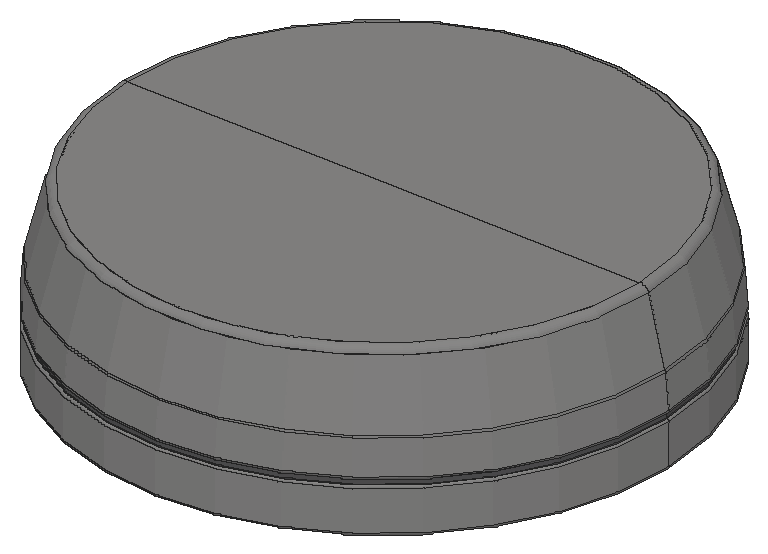
Revit family "Seating-Large-Teknion-STBC_Qui-R2013", category Furniture, Revit 2013
Parameters (values of type "Large")
  Width = 60.000"
  Warranty = "http://www.teknionstudio.com/pdfs/Teknion%20Studio%20Warranty.pdf"
  Unit Weight = 0.00 lbf
  URL = "www.teknionstudio.com"
  Top Upholstery Finish [instance] = Fabric - Teknion - F206 - Full Wool - Fantasme
  Thread Finish [instance] = Thread - Teknion - Silver
  Series = "Studio"
  Product Line = "Qui"
  Product Documentation Link = "http://www.teknionstudio.com/pricing/STBC_ppg.pdf"
  Part Number = "STBC"
  No Casters = no
  Model = "STBC4"
  Mid Upholstery Finish [instance] = Fabric - Teknion - F212 - Full Wool - Ink
  Manufacturer Phone = "919-464-2920"
  Manufacturer Fax = "919-464-2927"
  Manufacturer Email = "customersupport@teknionstudio.com"
  Manufacturer Address = "3941 US 70 Business HWY West, Clayton, NC 27520"
  Manufacturer = "Teknion Studio"
  Low Emitting Material = yes
  Low Emitting Finish = yes
  Height = 17.3001"
  Description = "Qui Large Ottoman - Upholstered Mid Panel, 60\"dia x 18\"h / 152cm x 46cm"
  Depth = 60.000"
  Base Upholstery Finish [instance] = Fabric - Teknion - F206 - Full Wool - Fantasme
  Assembly Code = "E2020200"
Reference planes (in)
  plane 1 "Center F/B": y = 0
  plane 2: z = 0
  plane 3 "Center L/R": x = 0
  plane 4 "Left": x = -30
  plane 5 "Right": x = 30
  plane 6 "Back": y = 30
  plane 7 "Front": y = -30
  plane 8 "Top": z = 17.3001
  plane 9 "Mid Top": z = 5.99
  plane 10 "Mid Bottom": z = 5.4351
  plane 11 "Casters Top": z = 2.6851
  plane 12 "Bottom": z = 0.75
  plane 13: y = -10.5
  plane 14: through (0, 0, 48) normal (-0.5, 0.866, 0)
  plane 15: through (0, 0, 48) normal (0.5, 0.866, 0)
  plane 16 "Wheel Mid Plane": z = 1.19
  plane 17 "Thread 2": z = 16.6501
  plane 18 "Thread 3": x = -0.325
  plane 19 "Thread 4": x = 0.325
  plane 20: x = -3.725
  plane 21: x = 3.725
  plane 22: z = 5.61
  plane 23: z = 5.81
Forms (in)
  Revolve 1, solid, material "Fabric - Teknion - F206 - Full Wool - Fantasme" <- "Base Upholstery Finish"
    sketch origin (0, 0, 0) x (1, 0, 0) y (0, 0, 1)
      loop
        line (0, 5.4351) -> (-29.75, 5.4351)
        arc (-29.75, 5.4351) -> (-29.92678, 5.36188) -> (-30, 5.1851) r 0.25
        line (-30, 5.1851) -> (-30, 1)
        arc (-30, 1) -> (-29.92678, 0.82322) -> (-29.75, 0.75) r 0.25
        line (-29.75, 0.75) -> (0, 0.75) -> (0, 5.4351)
      axis (0, 5.4351) -> (0, 0.75)
    angle from 0 to 360
  Revolve 2, solid, material "Fabric - Teknion - F212 - Full Wool - Ink" <- "Mid Upholstery Finish"
    sketch origin (0, 0, 0) x (1, 0, 0) y (0, 0, 1)
      loop
        arc (-29.65, 6.0501) -> (-29.72071, 6.02081) -> (-29.75, 5.9501) r 0.1
        line (-29.75, 5.9501) -> (-29.75, 5.47013)
        arc (-29.75, 5.47013) -> (-29.72067, 5.39933) -> (-29.64987, 5.37) r 0.10013
        line (-29.64987, 5.37) -> (0, 5.37) -> (0, 6.0501) -> (-29.65, 6.0501)
      axis (0, 6.0501) -> (0, 5.37)
    angle from 0 to 360
  Revolve 3, solid, material "Fabric - Teknion - F206 - Full Wool - Fantasme" <- "Top Upholstery Finish"
    sketch origin (0, 0, 0) x (1, 0, 0) y (0, 0, 1)
      loop
        line (0, 17.3001) -> (0, 5.99) -> (29.73328, 5.99)
        arc (29.73328, 5.99) -> (29.9176, 6.0711) -> (29.98233, 6.26179) r 0.25
        line (29.98233, 6.26179) -> (29.67651, 9.75731)
        arc (29.67651, 9.75731) -> (29.66114, 9.87407) -> (29.63565, 9.98906) r 1.35
        line (29.63565, 9.98906) -> (27.8554, 16.63304)
        arc (27.8554, 16.63304) -> (27.53395, 17.11412) -> (26.98607, 17.3001) r 0.9
        line (26.98607, 17.3001) -> (0, 17.3001)
      axis (0, 5.99) -> (0, 17.3001)
    angle from 0 to 360
  Revolve 4, solid, material "Plastic - Teknion - E - Ebony"
    sketch origin (0, -16.9, 0) x (0, 1, 0) y (0, 0, 1)
      loop
        line (-10.5, 0) -> (-10.5, 0.75) -> (-11, 0.75) -> (-10.89982, 0) -> (-10.5, 0)
      axis (-10.5, 0) -> (-10.5, 0.75)
    angle from 0 to 360
  Revolve 5, solid, material "Plastic - Teknion - E - Ebony"
    sketch origin (-14.63583, -8.45, 0) x (0.866025, 0.5, 0) y (0, 0, 1)
      loop
        line (-10.5, 0) -> (-10.5, 0.75) -> (-11, 0.75) -> (-10.89982, 0) -> (-10.5, 0)
      axis (-10.5, 0) -> (-10.5, 0.75)
    angle from 0 to 360
  Revolve 6, solid, material "Plastic - Teknion - E - Ebony"
    sketch origin (-14.63583, 8.45, 0) x (0.866025, -0.5, 0) y (0, 0, 1)
      loop
        line (-10.5, 0) -> (-10.5, 0.75) -> (-11, 0.75) -> (-10.89982, 0) -> (-10.5, 0)
      axis (-10.5, 0) -> (-10.5, 0.75)
    angle from 0 to 360
  Revolve 7, solid, material "Plastic - Teknion - E - Ebony"
    sketch origin (0, 16.9, 0) x (0, -1, 0) y (0, 0, 1)
      loop
        line (-10.5, 0) -> (-10.5, 0.75) -> (-11, 0.75) -> (-10.89982, 0) -> (-10.5, 0)
      axis (-10.5, 0) -> (-10.5, 0.75)
    angle from 0 to 360
  Revolve 8, solid, material "Plastic - Teknion - E - Ebony"
    sketch origin (14.63583, 8.45, 0) x (-0.866025, -0.5, 0) y (0, 0, 1)
      loop
        line (-10.5, 0) -> (-10.5, 0.75) -> (-11, 0.75) -> (-10.89982, 0) -> (-10.5, 0)
      axis (-10.5, 0) -> (-10.5, 0.75)
    angle from 0 to 360
  Revolve 9, solid, material "Plastic - Teknion - E - Ebony"
    sketch origin (14.63583, -8.45, 0) x (-0.866025, 0.5, 0) y (0, 0, 1)
      loop
        line (-10.5, 0) -> (-10.5, 0.75) -> (-11, 0.75) -> (-10.89982, 0) -> (-10.5, 0)
      axis (-10.5, 0) -> (-10.5, 0.75)
    angle from 0 to 360
Lines and regions (in)
  Masking region 1
    outline origin (0, 0, 17.3001) x (-1, 0, 0) y (0, -1, 0)
      loop
        circle (0, 0) r 30
  symbolic lines, detail levels fine
    curve 1: circle (0, 0, 17.3001) r 29.5 normal (0, 0, 1)
  symbolic lines, detail levels medium+fine
    curve 2: circle (0, 0, 17.3001) r 27.85 normal (0, 0, 1)
  symbolic lines
    curve 3: circle (0, 0, 17.3001) r 27.35 normal (0, 0, 1)
  model lines, detail levels medium+fine
    curve 4: arc (0.325, -27.8481, 16.6501) -> (2.0288, -27.77601, 16.6501) -> (3.725, -27.59976, 16.6501) r 27.85
    curve 5: arc (-3.725, -27.59976, 16.6501) -> (-2.0288, -27.77601, 16.6501) -> (-0.325, -27.8481, 16.6501) r 27.85
    curve 7: line (-0.325, -27.85035, 16.6501) -> (-0.325, -29.64438, 9.95469)
    curve 8: line (-0.325, -29.97955, 6.24243) -> (-0.325, -29.69419, 9.50408)
    curve 9: arc (-0.325, -29.64438, 9.95469) -> (-0.325, -29.67065, 9.72953) -> (-0.325, -29.69419, 9.50408) r 18.79624
    curve 10: arc (-0.325, -29.97955, 6.24243) -> (-0.325, -29.90562, 6.06393) -> (-0.325, -29.72712, 5.99) r 0.25243
    curve 11: line (-0.325, -30, 5.19389) -> (-0.325, -30, 1.00401)
    curve 12: arc (-0.325, -30, 1.00401) -> (-0.325, -29.9256, 0.8244) -> (-0.325, -29.74599, 0.75) r 0.25401
    curve 13: arc (-0.325, -30, 5.19389) -> (-0.325, -29.93367, 5.36175) -> (-0.325, -29.76808, 5.43354) r 0.23582
    curve 14: line (0.325, -27.85035, 16.6501) -> (0.325, -29.64438, 9.95469)
    curve 15: line (0.325, -29.97955, 6.24243) -> (0.325, -29.69419, 9.50408)
    curve 16: arc (0.325, -29.64438, 9.95469) -> (0.325, -29.67065, 9.72953) -> (0.325, -29.69419, 9.50408) r 18.79624
    curve 17: arc (0.325, -29.97955, 6.24243) -> (0.325, -29.90562, 6.06393) -> (0.325, -29.72712, 5.99) r 0.25243
    curve 18: line (0.325, -30, 5.19389) -> (0.325, -30, 1.00401)
    curve 19: arc (0.325, -30, 1.00401) -> (0.325, -29.9256, 0.8244) -> (0.325, -29.74599, 0.75) r 0.25401
    curve 20: arc (0.325, -30, 5.19389) -> (0.325, -29.93367, 5.36175) -> (0.325, -29.76808, 5.43354) r 0.23582
  model lines, detail levels fine
    curve 6: arc (-3.725, -27.09514, 17.3001) -> (0, -27.35, 17.3001) -> (3.725, -27.09514, 17.3001) r 27.35
Dimensions and locks (in)
  "Height": plane 8 "Top" to level
  equal spacing: plane 4 "Left", plane 3 "Center L/R", plane 5 "Right"
  "Width": plane 4 "Left" to plane 5 "Right"
  equal spacing: plane 6 "Back", plane 1 "Center F/B", plane 7 "Front"
  "Depth": plane 6 "Back" to plane 7 "Front"
  locked: plane 3 "Center L/R" to Revolve 2 sketch curve at 29.75
  locked: plane 16 "Wheel Mid Plane" to plane 2 at 1.19
  plane 19 "Thread 4" to plane 3 "Center L/R" to plane 18 "Thread 3" = 0.325", 0.325"
  locked: plane 19 "Thread 4" to plane 18 "Thread 3" at 0.65
  Revolve 2 sketch curve to Revolve 2 sketch curve to Revolve 2 sketch curve to Revolve 2 sketch curve to plane 2 = 0.100" locked, 0.47997" locked, 0.10013" locked, 5.370" locked
  equal spacing: plane 20, plane 3 "Center L/R", plane 21
  locked: plane 20 to plane 21 at 7.45
  plane 23 to plane 22 to plane 2 = 0.200" locked, 5.610" locked
  plane 20 to plane 3 "Center L/R" to plane 21 = 3.725" locked, 3.725" locked
  locked: plane 13 to plane 7 "Front" at 19.5
  plane 11 "Casters Top" to plane 12 "Bottom" to level = 1.9351" locked, 0.750" locked
  locked: plane 8 "Top" to plane 17 "Thread 2" at 0.65
  radius of curve 1 = 29.500"
  radius of curve 2 = 27.850"
  radius of curve 3 = 27.350"
  radius of curve 13 = 0.23582"
  radius of curve 10 = 0.25243"
  radius of curve 12 = 0.25401"
  radius of curve 6 = 27.350"
  radius of curve 4 = 27.850"
  radius of Masking region 1 sketch curve = 30.000"
  locked: plane 5 "Right" to Revolve 3 sketch curve (angle 15.00°)
  locked: plane 5 "Right" to Revolve 3 sketch curve (angle 5.00°)
  locked: curve 5 to curve 5 (angle 7.01784°)
  locked: curve 4 to curve 4 (angle 7.01784°)
  angle plane 7 "Front" to curve 7 = 15.00°
  locked: plane 7 "Front" to curve 8 (angle 5.00°)
  aligned and locked: level to plane 2
  aligned and locked: plane 8 "Top" to Revolve 1 sketch curve
  aligned and locked: plane 2 to Revolve 1 sketch curve
  aligned and locked: Revolve 1 sketch curve to plane 3 "Center L/R"  (x2)
  aligned and locked: Revolve 1 sketch curve to plane 4 "Left"
  aligned and locked: Revolve 1 sketch curve to plane 12 "Bottom"
  aligned and locked: plane 10 "Mid Bottom" to Revolve 1 sketch curve
  aligned and locked: plane 8 "Top" to Revolve 2 sketch curve
  aligned and locked: plane 2 to Revolve 2 sketch curve
  aligned and locked: Revolve 2 sketch curve to plane 3 "Center L/R"  (x2)
  aligned and locked: plane 8 "Top" to Revolve 3 sketch curve
  aligned and locked: plane 2 to Revolve 3 sketch curve
  aligned and locked: plane 3 "Center L/R" to Revolve 3 sketch curve
  aligned and locked: Revolve 3 sketch curve to plane 8 "Top"
  aligned and locked: Revolve 3 sketch curve to plane 9 "Mid Top"
  aligned and locked: Revolve 3 sketch curve to plane 3 "Center L/R"
  aligned and locked: curve 4 to curve 5
  aligned and locked: curve 7 to curve 14
  aligned and locked: curve 16 to curve 9
  aligned and locked: curve 15 to curve 8
  aligned and locked: curve 17 to curve 10
  aligned and locked: curve 20 to curve 13
  aligned and locked: curve 18 to curve 11
  aligned and locked: curve 19 to curve 12
  aligned and locked: curve 7 to curve 4
  aligned and locked: plane 3 "Center L/R" to Masking region 1 sketch curve
  aligned and locked: plane 1 "Center F/B" to Masking region 1 sketch curve
  aligned and locked: plane 1 "Center F/B" to curve 2
  aligned and locked: plane 3 "Center L/R" to curve 2
  aligned and locked: plane 20 to curve 6
  aligned and locked: plane 21 to curve 6
  aligned and locked: curve 4 to curve 14
  aligned and locked: plane 21 to curve 4
  aligned and locked: curve 5 to curve 7
  aligned and locked: plane 1 "Center F/B" to curve 1
  aligned and locked: plane 3 "Center L/R" to curve 1
  aligned and locked: plane 1 "Center F/B" to curve 3
  aligned and locked: plane 3 "Center L/R" to curve 3
Automatic sketch dimensions
  plane 4 "Left" to Revolve 1 sketch curve = 0.250"
  plane 12 "Bottom" to Revolve 1 sketch curve = 0.250"
  Revolve 3 sketch curve to plane 5 "Right" = 0.01767"
  plane 9 "Mid Top" to Revolve 3 sketch curve = 0.27179"
  Revolve 3 sketch curve to plane 8 "Top" = 0.66706"
  Revolve 3 sketch curve to Revolve 3 sketch curve = 0.86933"
  Revolve 3 sketch curve to plane 5 "Right" = 0.36435"
  Revolve 3 sketch curve to Revolve 3 sketch curve = 0.04086"
  Revolve 3 sketch curve to plane 5 "Right" = 0.26672"
  Revolve 3 sketch curve to Revolve 3 sketch curve = 1.34486"
  Revolve 3 sketch curve to Revolve 3 sketch curve = 0.23175"
  Revolve 4 sketch curve to Revolve 4 sketch curve = 0.10018"
  Revolve 4 sketch curve to Revolve 4 sketch curve = 0.39982"
  Revolve 4 sketch curve to Revolve 4 sketch curve = 0.000"  (x2)
  Revolve 4 sketch curve to Revolve 4 sketch curve = 0.750"
  Revolve 4 sketch curve to Revolve 4 sketch curve = 16.5501"
  Revolve 5 sketch curve to Revolve 5 sketch curve = 0.10018"
  Revolve 5 sketch curve to Revolve 5 sketch curve = 0.39982"
  Revolve 5 sketch curve to Revolve 5 sketch curve = 0.000"  (x2)
  Revolve 5 sketch curve to Revolve 5 sketch curve = 0.750"
  Revolve 5 sketch curve to Revolve 5 sketch curve = 16.5501"
  Revolve 6 sketch curve to Revolve 6 sketch curve = 0.10018"
  Revolve 6 sketch curve to Revolve 6 sketch curve = 0.39982"
  Revolve 6 sketch curve to Revolve 6 sketch curve = 0.000"  (x2)
  Revolve 6 sketch curve to Revolve 6 sketch curve = 0.750"
  Revolve 6 sketch curve to Revolve 6 sketch curve = 16.5501"
  Revolve 7 sketch curve to Revolve 7 sketch curve = 0.10018"
  Revolve 7 sketch curve to Revolve 7 sketch curve = 0.39982"
  Revolve 7 sketch curve to Revolve 7 sketch curve = 0.000"  (x2)
  Revolve 7 sketch curve to Revolve 7 sketch curve = 0.750"
  Revolve 7 sketch curve to Revolve 7 sketch curve = 16.5501"
  Revolve 8 sketch curve to Revolve 8 sketch curve = 0.10018"
  Revolve 8 sketch curve to Revolve 8 sketch curve = 0.39982"
  Revolve 8 sketch curve to Revolve 8 sketch curve = 0.000"  (x2)
  Revolve 8 sketch curve to Revolve 8 sketch curve = 0.750"
  Revolve 8 sketch curve to Revolve 8 sketch curve = 16.5501"
  Revolve 9 sketch curve to Revolve 9 sketch curve = 0.10018"
  Revolve 9 sketch curve to Revolve 9 sketch curve = 0.39982"
  Revolve 9 sketch curve to Revolve 9 sketch curve = 0.000"  (x2)
  Revolve 9 sketch curve to Revolve 9 sketch curve = 0.750"
  Revolve 9 sketch curve to Revolve 9 sketch curve = 16.5501"
  curve 13 to plane 10 "Mid Bottom" = 0.00156"
  curve 18 to plane 7 "Front" = 0.000"
  curve 18 to plane 16 "Wheel Mid Plane" = 0.18599"
  curve 14 to plane 7 "Front" = 0.35562"
  curve 19 to plane 12 "Bottom" = 0.000"
  curve 17 to plane 9 "Mid Top" = 0.000"
  curve 14 to plane 17 "Thread 2" = 0.000"
  curve 18 to plane 10 "Mid Bottom" = 0.24121"
  curve 15 to plane 7 "Front" = 0.02045"
  plane 9 "Mid Top" to curve 15 = 0.25243"
  curve 15 to plane 7 "Front" = 0.30581"
  curve 17 to curve 15 = 3.26165"
  curve 16 to curve 14 = 0.45061"
  curve 18 to curve 20 = 0.00386"
  curve 20 to plane 10 "Mid Bottom" = 0.00156"
  curve 16 to plane 13 = 0.48821"
  curve 14 to plane 7 "Front" = 2.14965"
  curve 20 to curve 18 = 0.23579"
  plane 1 "Center F/B" to curve 5 = 0.000"
  curve 1 to curve 6 = 0.000"  (x2)
